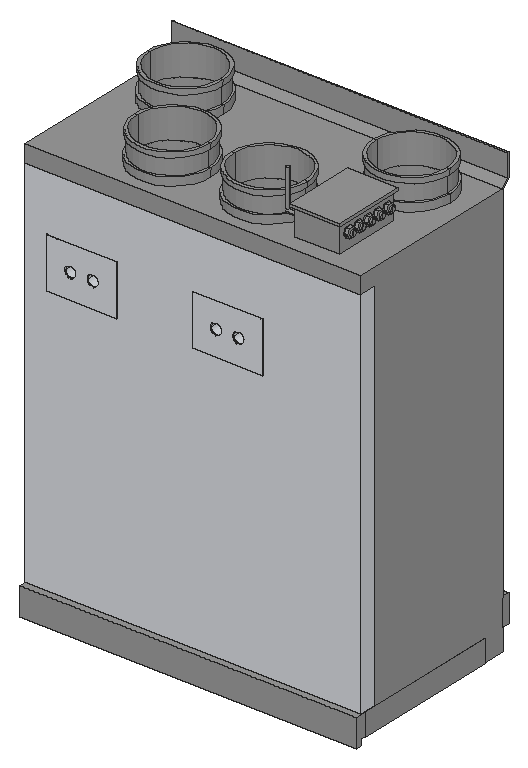
Revit family "VUTR 200 V(E)K(S) EC", category Mechanical Equipment, Revit 2021
Family settings
  Round Connector Dimension = Use Diameter
  Part Type = Normal
  OmniClass Number = 23.75.00.00
  OmniClass Title = Climate Control (HVAC)
  Work Plane-Based = No
  Always vertical = Yes
  Cut with Voids When Loaded = No
  Shared = No
  Room Calculation Point = No
Parameters (values of type "VUTR 200 VK(S) ЕС")
  Weight = 51.60 kg
  W = 599 mm
  Voltage = 230 V
  Sound pressure level at 3 m distance = "33 dBA"
  Pressure_Static_Air [instance] = 0.0 Pa
  Power = 171 W
  Number of Fase = 1
  Maximum Air Flow = 270.0 m³/h
  Maintenance zone material = none
  Load Classification = "HVAC"
  H = 792 mm
  Frequency = 60 Hz  # constant formula
  Filter = "G4"
  Default Elevation = 0 mm
  L = 338 mm
  D = 125 mm
  Casing Material = Сталь
  Amperage = 1.31 A
  Air Flow [instance] = 0.0 m³/h
  09_System_Name = ""
  00_20_Type = "VUTR 200 VK(S) ЕС"
  00_20_Name = "Single-room air handling unit with heat recovery"  # constant formula
  00_20_Manufacturer = "Vents"  # constant formula
Types (3, lengths in mm): name | Weight | Power | Casing Material | Amperage | 00_20_Type
  (no name) | 51.60 kg | 171 W | Сталь | 1.31 A | "VUTR 200 VK(S) ЕС"
  VUTR 200 VK(S) ЕС | 51.60 kg | 171 W | Сталь | 1.31 A | "VUTR 200 VK(S) ЕС"
  VUTR 200 VEK(S) EC | 52.60 kg | 871 W | Polypropylene (white) | 4.31 A | "VUTR 200 VEK(S) EC"
Reference planes
  plane 1 "Center (Front/Back)": y = 0
  plane 2: z = 0
  plane 3 "Center (Left/Right)": x = 0
  plane 4: z = 739
  plane 5: x = -299.5
  plane 6: x = 299.5
  plane 7: y = -328
  plane 8: z = 792
  plane 9: y = -338
  plane 10: y = -239
  plane 11: y = -88
  plane 12: x = -205.5
  plane 13: x = 197.5
  plane 14: x = -107.5
  plane 15: x = 65.5
  plane 16: y = -12
  plane 17: y = -52
  plane 18: y = -298
  plane 19: z = 40
  plane 20: z = 709
  plane 21: z = 90
Forms (mm)
  Extrusion 1, void
    sketch origin (-793.067, -1524, 739) x (0, -1, 0) y (-1, 0, 0)
      loop
        circle (-1436, -587.567) r 62.5
      loop
        circle (-1285, -685.567) r 62.5
      loop
        circle (-1285, -858.567) r 62.5
      loop
        circle (-1436, -990.567) r 62.5
    from 0 to 20
  Extrusion 2, solid, material "Сталь" <- "Casing Material"
    sketch origin (0, 0, 0) x (0, 1, 0) y (0, 0, 1)
      loop
        line (-12, 0) -> (-12, 739) -> (-328, 739) -> (-328, 709) -> (-298, 709) -> (-298, 40) -> (-52, 40) -> (-52, 0) -> (-12, 0)
    from -299.5 to 299.5
  Extrusion 3, solid, material "Сталь" <- "Casing Material"
    sketch origin (0, 0, 0) x (1, 0, 0) y (0, 0, 1)
      loop
        line (299.5, 90) -> (-299.5, 90) -> (-299.5, 40) -> (299.5, 40) -> (299.5, 90)
    from 0 to 12
Cuts and joins
  Extrusion 1 cuts Extrusion 2
Dimensions and locks
  "W": plane 6 to plane 5
  equal spacing: plane 6, plane 3 "Center (Left/Right)", plane 5
  "L": plane 1 "Center (Front/Back)" to plane 9
  locked: plane 8 to plane 4 at 53
  locked: plane 7 to plane 9 at 10
  plane 10 to plane 11 to plane 1 "Center (Front/Back)" = 151 mm, 88 mm
  plane 1 "Center (Front/Back)" to plane 16 = 12 mm
  plane 5 to plane 12 to plane 14 to plane 15 = 94 mm, 98 mm, 173 mm
  plane 12 to plane 13 = 403 mm
  "H": plane 8 to plane 2
  locked: plane 4 to plane 20 at 30
  aligned and locked: level to plane 2
  aligned and locked: nested 1 to plane 4
  aligned and locked: nested 2 to plane 11
  aligned and locked: nested 4 to plane 10
  aligned and locked: plane 15 to nested 3
  aligned and locked: plane 13 to nested 2
  aligned and locked: plane 14 to nested 4
  aligned and locked: plane 3 "Center (Left/Right)" to nested 5
  aligned and locked: nested 5 to plane 4  (x2)
  aligned and locked: plane 1 "Center (Front/Back)" to nested 5
  aligned and locked: Extrusion 1 sketch curve to nested 3
  aligned and locked: Extrusion 1 sketch curve to nested 1
  aligned and locked: Extrusion 1 sketch curve to nested 4
  aligned and locked: Extrusion 1 sketch curve to nested 2
  aligned and locked: nested 1 to plane 11
  aligned and locked: plane 12 to nested 1
  aligned and locked: nested 3 to plane 10
  aligned and locked: nested 4 to plane 4
  aligned and locked: nested 3 to plane 4
  aligned and locked: nested 2 to plane 4
  aligned and locked: plane 7 to Extrusion 2 sketch curve
  aligned and locked: plane 16 to Extrusion 2 sketch curve
  aligned and locked: plane 4 to Extrusion 2 sketch curve
  aligned and locked: Extrusion 2 sketch curve to plane 2
  aligned and locked: Extrusion 2 to plane 5
  aligned and locked: plane 6 to Extrusion 2
  aligned and locked: plane 16 to Extrusion 2
  aligned and locked: Extrusion 2 to plane 7
  aligned and locked: Extrusion 2 to plane 17
  aligned and locked: Extrusion 2 to plane 18
  aligned and locked: Extrusion 2 to plane 19
  aligned and locked: Extrusion 2 to plane 20
  aligned and locked: nested 6 to plane 19
  aligned and locked: plane 7 to nested 6
  aligned and locked: nested 7 to plane 9
  aligned and locked: nested 7 to plane 5
  aligned and locked: plane 6 to nested 7
  aligned and locked: plane 19 to nested 7
  aligned and locked: nested 7 to plane 17
  aligned and locked: plane 6 to nested 5
  aligned and locked: plane 5 to nested 5
  aligned and locked: Extrusion 3 sketch curve to plane 21
  aligned and locked: plane 19 to Extrusion 3 sketch curve
  aligned and locked: plane 5 to Extrusion 3 sketch curve
  aligned and locked: Extrusion 3 sketch curve to plane 6
  aligned and locked: Extrusion 3 to plane 16
  aligned and locked: Extrusion 3 to plane 1 "Center (Front/Back)"
  aligned and locked: Extrusion 3 to plane 5
  aligned and locked: plane 6 to Extrusion 3
  aligned and locked: nested 8 to plane 4
  aligned and locked: plane 8 to nested 8
  aligned and locked: plane 20 to nested 6
  aligned and locked: nested 6 to plane 6
  aligned and locked: nested 6 to plane 5
Automatic sketch dimensions
  Extrusion 2 sketch curve to plane 18 = 0 mm
  Extrusion 2 sketch curve to plane 17 = 0 mm
  Extrusion 2 sketch curve to plane 19 = 0 mm
  Extrusion 2 sketch curve to plane 20 = 0 mm
Nested families
  nested 1: "Ducts" at (-205.5, -88, 739), Material <- "Casing Material", type "Ducts"
    with Material Сталь
  nested 2: "Ducts" at (197.5, -88, 739), Material <- "Casing Material", type "Ducts"
    with Material Сталь
  nested 3: "Ducts" at (65.5, -239, 739), Material <- "Casing Material", type "Ducts"
    with Material Сталь
  nested 4: "Ducts" at (-107.5, -239, 739), Material <- "Casing Material", type "Ducts"
    with Material Сталь
  nested 5: "Bracket up" at (0, 0, 739), W <- "W", Material <- "Casing Material", type "Bracket up"
    with W 599 mm, Material Сталь
  nested 6: "Plate (front)" at (0, -328, 40) x (-1, 0, 0) z (0, 0, 1), type "Plate (front)"
    with W 599 mm, H 669 mm, D 29 mm
  nested 7: "Plate (down)" at (0, -52, 0), Material <- "Casing Material", type "Plate (down)"
    with W 599 mm, Material Сталь, H 40 mm, D 286 mm
  nested 8: "control unit" at (197.5, -239, 739), Material <- "Casing Material", type "control unit"
    with W 90 mm, built-in parameter 1140142 -1, Material Сталь, built-in parameter 1140140 1 (stored number, unit not read), H 53 mm, built-in parameter 1155100 -1, D 130 mm
Connectors
  hvac at (-205.5, -88, 792), driven by "D"
    settings: on nested 1, index 1, duct flow 0.0 m³/h, flow factor 0, pres drop 0.0 Pa, loss coef 0, conn angle 0.00°, conn width 160 mm, conn height 160 mm, conn diameter 125 mm, duct sys type 1, conn prof type 0, flow config 0, flow direction 1, loss method 0, conn ref index -1, conn util no, is conn primary yes, conn desc ""
  hvac at (-107.5, -239, 792), driven by "D"
    settings: on nested 4, index 2, duct flow 0.0 m³/h, flow factor 0, pres drop 0.0 Pa, loss coef 0, conn angle 0.00°, conn width 304.8 mm, conn height 304.8 mm, conn diameter 125 mm, duct sys type 1, conn prof type 0, flow config 0, flow direction 2, loss method 0, conn ref index -1, conn util no, is conn primary no, conn desc ""
  hvac at (65.5, -239, 792), driven by "D"
    settings: on nested 3, index 3, duct flow 0.0 m³/h, flow factor 0, pres drop 0.0 Pa, loss coef 0, conn angle 0.00°, conn width 304.8 mm, conn height 304.8 mm, conn diameter 125 mm, duct sys type 3, conn prof type 0, flow config 0, flow direction 1, loss method 0, conn ref index -1, conn util no, is conn primary no, conn desc ""
  hvac at (197.5, -88, 792), driven by "D"
    settings: on nested 2, index 4, duct flow 0.0 m³/h, flow factor 0, pres drop 0.0 Pa, loss coef 0, conn angle 0.00°, conn width 304.8 mm, conn height 304.8 mm, conn diameter 125 mm, duct sys type 3, conn prof type 0, flow config 0, flow direction 2, loss method 0, conn ref index -1, conn util no, is conn primary no, conn desc ""
  electrical at (246.875, -195.667, 769), driven by "Voltage", driven by "Power"
    settings: on nested 8, index 5, voltage 230 V, apparent load 0 VA, apparent load phase1 171 VA, apparent load phase2 0 VA, apparent load phase3 0 VA, power factor 1, load classification "Other", number of poles 1, system type 31, power factor state 1, is connector primary yes, connector utility no, sub classification motor no, connector description ""
Definition of nested family "Ducts"
  Parameters (values of type "Ducts")
    Material [instance] = none
    Default Elevation = 0 mm
  Reference planes
    plane 1 "Center (Front/Back)": y = 0
    plane 2: z = 0
    plane 3 "Center (Left/Right)": x = 0
    plane 4: z = 53
  Forms (mm)
    Revolve 1, solid, material <- "Material"
      sketch origin (-386.311, 0, 320) x (-1, 0, 0) y (0, 0, 1)
        loop
          line (-453.811, -267) -> (-453.811, -276.044) -> (-451.121, -276.044) -> (-451.121, -305.619) -> (-455.467, -305.619) -> (-455.467, -320) -> (-448.811, -320) -> (-448.811, -267) -> (-453.811, -267)
        axis (-386.311, -320) -> (-386.311, -267)
      angle from 0 to 360
  Dimensions and locks
    aligned and locked: level to plane 2
    aligned and locked: Revolve 1 to plane 2
    aligned and locked: Revolve 1 to plane 4
Definition of nested family "Bracket up"
  Parameters (values of type "Bracket up")
    W [instance] = 900 mm
    Material [instance] = none
    Default Elevation = 0 mm
  Reference planes
    plane 1 "Center (Front/Back)": y = 0
    plane 2: z = 0
    plane 3 "Center (Left/Right)": x = 0
    plane 4: y = -12
    plane 5: z = 53
    plane 6: x = -450
    plane 7: x = 450
  Forms (mm)
    Extrusion 1, solid, material <- "Material"
      sketch origin (0, 0, 0) x (0, 1, 0) y (0, 0, 1)
        loop
          line (0, 53) -> (-1, 53) -> (-1, 12.414) -> (-13.414, 0) -> (-12, 0) -> (0, 12) -> (0, 53)
      from -450 to 450
  Dimensions and locks
    "W": plane 6 to plane 7
    equal spacing: plane 6, plane 3 "Center (Left/Right)", plane 7
    aligned and locked: level to plane 2
    aligned and locked: plane 7 to Extrusion 1
    aligned and locked: Extrusion 1 to plane 6
  Automatic sketch dimensions
    Extrusion 1 sketch curve to level = 0 mm
    Extrusion 1 sketch curve to plane 4 = 0 mm
    Extrusion 1 sketch curve to plane 5 = 0 mm
    Extrusion 1 sketch curve to plane 1 "Center (Front/Back)" = 0 mm
    plane 4 to Extrusion 1 sketch curve = 1.414 mm
    plane 1 "Center (Front/Back)" to Extrusion 1 sketch curve = 1 mm
    level to Extrusion 1 sketch curve = 12 mm
    Extrusion 1 sketch curve to Extrusion 1 sketch curve = 0.414 mm
Definition of nested family "Plate (front)"
  Parameters (values of type "Plate (front)")
    W [instance] = 599 mm
    Material [instance] = none
    H [instance] = 699 mm
    Default Elevation = 0 mm
    D [instance] = 30 mm
  Reference planes
    plane 1 "Center (Front/Back)": y = 0
    plane 2: z = 0
    plane 3 "Center (Left/Right)": x = 0
    plane 4: x = -299.5
    plane 5: x = 299.5
    plane 6: y = -30
    plane 7: z = 699
  Forms (mm)
    Extrusion 1, solid, material <- "Material"
      sketch origin (0, 0, 0) x (1, 0, 0) y (0, 1, 0)
        loop
          line (-299.5, 0) -> (-299.5, -30) -> (299.5, -30) -> (299.5, 0) -> (-299.5, 0)
      from 0 to 698
    Extrusion 2, solid, material <- "Material"
      sketch origin (0, 0, 0) x (1, 0, 0) y (0, 0, 1)
        loop
          line (259.5, 569) -> (134.5, 569) -> (134.5, 479) -> (259.5, 479) -> (259.5, 569)
      from 0 to -1
    Extrusion 3, void
      sketch origin (0, 0, 0) x (1, 0, 0) y (0, 0, 1)
        loop
          circle (217, 524) r 10
        loop
          circle (177, 524) r 10
      from -1 to 30 <- "D"
    Extrusion 4, solid, material <- "Material", not visible
      sketch origin (0, 0, 0) x (1, 0, 0) y (0, 0, 1)
        loop
          line (259.5, 569) -> (134.5, 569) -> (134.5, 479) -> (259.5, 479) -> (259.5, 569)
      from 0 to -1
    Extrusion 5, void, not visible
      sketch origin (0, 0, 0) x (1, 0, 0) y (0, 0, 1)
        loop
          circle (217, 524) r 10
        loop
          circle (177, 524) r 10
      from -1 to 30 <- "D"
    Extrusion 6, solid, material <- "Material"
      sketch origin (-259.5, 0, 0) x (1, 0, 0) y (0, 0, 1)
        loop
          line (259.5, 569) -> (134.5, 569) -> (134.5, 479) -> (259.5, 479) -> (259.5, 569)
      from 0 to -1
    Extrusion 7, void
      sketch origin (-259.5, 0, 0) x (1, 0, 0) y (0, 0, 1)
        loop
          circle (217, 524) r 10
        loop
          circle (177, 524) r 10
      from -1 to 30 <- "D"
  Cuts and joins
    Extrusion 3, Extrusion 7 cuts Extrusion 1
    Extrusion 3, Extrusion 7 cuts Extrusion 2
    Extrusion 7 cuts Extrusion 6
  Dimensions and locks
    equal spacing: plane 4, plane 3 "Center (Left/Right)", plane 5
    "W": plane 4 to plane 5
    "H": plane 7 to plane 2
    "D": plane 6 to plane 1 "Center (Front/Back)"
    locked: plane 7 to cut or joined group of Extrusion 1, Extrusion 3, Extrusion 7 at 1
    aligned and locked: level to plane 2
    aligned and locked: plane 5 to Extrusion 1
    aligned and locked: Extrusion 1 to plane 4
    aligned and locked: Extrusion 1 to plane 6
    aligned and locked: cut or joined group of Extrusion 1, Extrusion 3, Extrusion 7 to plane 6
  Automatic sketch dimensions
    Extrusion 2 sketch curve to Extrusion 2 sketch curve = 90 mm
    Extrusion 3 sketch curve to Extrusion 3 sketch curve = 40 mm
    Extrusion 3 sketch curve to Extrusion 3 sketch curve = 0 mm
    Extrusion 2 sketch curve to Extrusion 2 sketch curve = 125 mm
    Extrusion 4 sketch curve to Extrusion 4 sketch curve = 90 mm
    Extrusion 5 sketch curve to Extrusion 5 sketch curve = 40 mm
    Extrusion 5 sketch curve to Extrusion 5 sketch curve = 0 mm
    Extrusion 4 sketch curve to Extrusion 4 sketch curve = 125 mm
    Extrusion 6 sketch curve to Extrusion 6 sketch curve = 90 mm
    Extrusion 7 sketch curve to Extrusion 7 sketch curve = 40 mm
    Extrusion 7 sketch curve to Extrusion 7 sketch curve = 0 mm
    Extrusion 6 sketch curve to Extrusion 6 sketch curve = 125 mm
    Extrusion 1 sketch curve to plane 4 = 0 mm
    Extrusion 1 sketch curve to plane 5 = 0 mm
    Extrusion 1 sketch curve to plane 6 = 0 mm
    plane 1 "Center (Front/Back)" to Extrusion 1 sketch curve = 0 mm
    radius of Extrusion 3 sketch curve = 10 mm  (x2)
    radius of Extrusion 5 sketch curve = 10 mm  (x2)
    radius of Extrusion 7 sketch curve = 10 mm  (x2)
Definition of nested family "Plate (down)"
  Parameters (values of type "Plate (down)")
    W [instance] = 599 mm
    Material [instance] = none
    H [instance] = 40 mm
    Default Elevation = 0 mm
    D [instance] = 286 mm
  Reference planes
    plane 1 "Center (Front/Back)": y = 0
    plane 2: z = 0
    plane 3 "Center (Left/Right)": x = 0
    plane 4: x = -299.5
    plane 5: x = 299.5
    plane 6: y = -266
    plane 7: z = 40
    plane 8: y = -286
  Forms (mm)
    Extrusion 1, solid, material <- "Material"
      sketch origin (0, -1, 0) x (1, 0, 0) y (0, 1, 0)
        loop
          line (-299.5, 0) -> (-299.5, -265) -> (299.5, -265) -> (299.5, 0) -> (-299.5, 0)
      from 0 to 39
    Extrusion 2, solid, material <- "Material"
      sketch origin (0, 0, 0) x (0, 1, 0) y (0, 0, 1)
        loop
          line (-267, 39) -> (-286, 39) -> (-286, -10) -> (-276, -10) -> (-276, 0) -> (-267, 0) -> (-267, 39)
      from -299.5 to 299.5
    Extrusion 3, void
      sketch origin (0, 0, 0) x (1, 0, 0) y (0, 1, 0)
        loop
          line (-249.5, -1) -> (-249.5, -100) -> (249.5, -100) -> (249.5, -1) -> (-249.5, -1)
        loop
          circle (-159.5, -50.5) r 45
        loop
          circle (-159.5, -50.5) r 30
        loop
          circle (159.5, -50.5) r 45
        loop
          circle (159.5, -50.5) r 30
      from 0 to 5
    Extrusion 4, void
      sketch origin (0, 0, 0) x (1, 0, 0) y (0, 1, 0)
        loop
          line (-249.5, -100) -> (-249.5, -266) -> (249.5, -266) -> (249.5, -100) -> (-249.5, -100)
      from 0 to 10
    Extrusion 5, solid, material <- "Material"
      sketch origin (0, 0, 0) x (1, 0, 0) y (0, 1, 0)
        loop
          line (-249.5, -100) -> (-249.5, -266) -> (249.5, -266) -> (249.5, -100) -> (-249.5, -100)
        loop
          line (-244.5, -105) -> (-244.5, -145) -> (-194.5, -145) -> (-194.5, -221) -> (-244.5, -221) -> (-244.5, -261) -> (244.5, -261) -> (244.5, -105) -> (-244.5, -105)
        loop
          line (-234.5, -165) -> (-234.5, -201) -> (-214.5, -201) -> (-214.5, -165) -> (-234.5, -165)
      from 5 to 10
  Cuts and joins
    Extrusion 3, Extrusion 4 cuts Extrusion 1
  Dimensions and locks
    equal spacing: plane 4, plane 3 "Center (Left/Right)", plane 5
    "W": plane 4 to plane 5
    "H": plane 7 to plane 2
    "D": plane 8 to plane 1 "Center (Front/Back)"
    locked: Extrusion 2 sketch curve to plane 2 at 10
    locked: Extrusion 2 sketch curve to plane 8 at 19
    locked: plane 6 to plane 8 at 20
    locked: Extrusion 1 to plane 1 "Center (Front/Back)" at 1
    locked: plane 7 to Extrusion 2 at 1
    Extrusion 3 sketch curve to plane 5 = 50 mm
    plane 4 to Extrusion 3 sketch curve = 50 mm
    plane 1 "Center (Front/Back)" to Extrusion 3 sketch curve = 100 mm
    locked: plane 4 to Extrusion 4 sketch curve at 50
    locked: Extrusion 4 sketch curve to plane 5 at 50
    aligned and locked: level to plane 2
    aligned and locked: plane 5 to Extrusion 1
    aligned and locked: Extrusion 1 to plane 4
    aligned and locked: Extrusion 1 to plane 6
    aligned and locked: plane 5 to Extrusion 2
    aligned and locked: Extrusion 2 to plane 4
    aligned and locked: Extrusion 2 to Extrusion 1
    aligned and locked: plane 6 to Extrusion 4 sketch curve
    aligned and locked: Extrusion 4 to Extrusion 3
    aligned and locked: plane 6 to Extrusion 5 sketch curve
    aligned and locked: Extrusion 5 to cut or joined group of Extrusion 1, Extrusion 3, Extrusion 4
  Automatic sketch dimensions
    Extrusion 1 sketch curve to plane 4 = 0 mm
    Extrusion 1 sketch curve to plane 5 = 0 mm
    Extrusion 1 sketch curve to plane 6 = 0 mm
    plane 1 "Center (Front/Back)" to Extrusion 1 sketch curve = 1 mm
    Extrusion 2 sketch curve to plane 7 = 1 mm
    Extrusion 2 sketch curve to plane 8 = 0 mm
    Extrusion 2 sketch curve to level = 0 mm
    plane 8 to Extrusion 2 sketch curve = 10 mm
    Extrusion 3 sketch curve to Extrusion 3 sketch curve = 0 mm  (x4)
    plane 1 "Center (Front/Back)" to Extrusion 3 sketch curve = 50.5 mm  (x2)
    Extrusion 3 sketch curve to Extrusion 3 sketch curve = 90 mm  (x2)
    plane 1 "Center (Front/Back)" to Extrusion 3 sketch curve = 1 mm
    plane 1 "Center (Front/Back)" to Extrusion 4 sketch curve = 100 mm
    plane 4 to Extrusion 5 sketch curve = 50 mm
    Extrusion 5 sketch curve to Extrusion 5 sketch curve = 5 mm  (x4)
    Extrusion 5 sketch curve to Extrusion 5 sketch curve = 20 mm  (x4)
    Extrusion 5 sketch curve to plane 5 = 55 mm
    plane 6 to Extrusion 5 sketch curve = 5 mm
    plane 6 to Extrusion 5 sketch curve = 45 mm
    Extrusion 5 sketch curve to Extrusion 5 sketch curve = 36 mm
    plane 1 "Center (Front/Back)" to Extrusion 5 sketch curve = 105 mm
    Extrusion 5 sketch curve to Extrusion 5 sketch curve = 10 mm
    radius of Extrusion 3 sketch curve = 45 mm  (x2)
    radius of Extrusion 3 sketch curve = 30 mm  (x2)
Definition of nested family "control unit"
  Parameters (values of type "control unit")
    W [instance] = 90 mm
    built-in parameter 1140142 [instance] = -1
    Material [instance] = none
    built-in parameter 1140140 [instance] = 1 (stored number, unit not read)
    H [instance] = 53 mm
    built-in parameter 1155100 [instance] = -1
    Default Elevation = 0 mm
    D [instance] = 130 mm
  Reference planes
    plane 1 "Center (Front/Back)": y = 0
    plane 2: z = 0
    plane 3 "Center (Left/Right)": x = 0
    plane 4: y = 65
    plane 5: x = -45
    plane 6: y = -65
    plane 7: x = 45
    plane 8: z = 53
    plane 9: z = 48
    plane 10: y = -50
    plane 11: y = 43.333
    plane 12: z = 30
    plane 13: x = 40
    plane 14: x = -60
    plane 15: y = -43.333
    plane 16: y = -21.667
    plane 17: y = 21.667
  Forms (mm)
    Extrusion 1, solid, material <- "Material"
      sketch origin (0, 0, 0) x (1, 0, 0) y (0, 1, 0)
        loop
          line (-45, 65) -> (-45, -65) -> (45, -65) -> (45, 65) -> (-45, 65)
      from 48 to 53
    Extrusion 2, solid, material <- "Material"
      sketch origin (0, 0, 0) x (1, 0, 0) y (0, 1, 0)
        loop
          line (-40, 60) -> (-40, -60) -> (40, -60) -> (40, 60) -> (-40, 60)
      from 0 to 48
    Extrusion 3, solid, material <- "Material"
      sketch origin (-60, -98.002, 1201.262) x (0, -1, 0) y (0, 0, -1)
        loop
          circle (-48.002, 1171.262) r 3
      from 20 to 0
    Extrusion 4, solid, material <- "Material"
      sketch origin (0, 0, 0) x (-1, 0, 0) y (0, -1, 0)
        loop
          circle (60, 50) r 3
      from 35 to 100
  Dimensions and locks
    "W": plane 5 to plane 7
    equal spacing: plane 5, plane 3 "Center (Left/Right)", plane 7
    equal spacing: plane 4, plane 1 "Center (Front/Back)", plane 6
    "D": plane 4 to plane 6
    "H": plane 8 to plane 2
    locked: plane 8 to plane 9 at 5
    locked: Extrusion 1 to Extrusion 2 sketch curve at 5
    locked: Extrusion 2 sketch curve to plane 7 at 5
    locked: Extrusion 2 sketch curve to plane 4 at 5
    locked: Extrusion 2 sketch curve to plane 6 at 5
    plane 10 to plane 6 = 15 mm
    plane 2 to plane 12 = 30 mm
    locked: plane 7 to plane 13 at 5
    plane 4 to plane 11 to plane 17 to plane 1 "Center (Front/Back)" to plane 16 to plane 15 to plane 6 = 21.667 mm, 21.667 mm, 21.667 mm, 21.667 mm, 21.667 mm, 21.667 mm
    aligned and locked: level to plane 2
    aligned and locked: Extrusion 1 sketch curve to plane 4
    aligned and locked: plane 5 to Extrusion 1 sketch curve
    aligned and locked: plane 6 to Extrusion 1 sketch curve
    aligned and locked: Extrusion 1 sketch curve to plane 7
    aligned and locked: plane 8 to Extrusion 1
    aligned and locked: Extrusion 1 to plane 9
    aligned and locked: plane 9 to Extrusion 2
    aligned and locked: Extrusion 2 to plane 2
    aligned and locked: nested 1 to plane 12
    aligned and locked: nested 4 to plane 12
    aligned and locked: nested 3 to plane 12
    aligned and locked: nested 2 to plane 12
    aligned and locked: plane 14 to Extrusion 3
    aligned and locked: Extrusion 3 to Extrusion 2
    aligned and locked: plane 13 to nested 5
    aligned and locked: plane 1 "Center (Front/Back)" to nested 2
    aligned and locked: nested 5 to plane 17
    aligned and locked: nested 3 to plane 16
    aligned and locked: nested 4 to plane 15
  Automatic sketch dimensions
    Extrusion 3 sketch curve to plane 10 = 0 mm
    plane 12 to Extrusion 3 sketch curve = 0 mm
    Extrusion 4 sketch curve to plane 10 = 0 mm
    Extrusion 4 sketch curve to plane 14 = 0 mm
    radius of Extrusion 3 sketch curve = 3 mm
    radius of Extrusion 4 sketch curve = 3 mm
  Nested families
    nested 1: "Сonnector" at (40, 43.333, 30), type "16"
    nested 2: "Сonnector" at (40, 0, 30), type "16"
    nested 3: "Сonnector" at (40, -21.667, 30), type "16"
    nested 4: "Сonnector" at (40, -43.333, 30), type "16"
    nested 5: "Сonnector" at (40, 21.667, 30), type "16"
  Definition of nested family "Сonnector"
    Parameters (values of type "10")
      r1 = r / 1.3333  # 3.75 mm
      r = 5 mm
      h3 = H / 3.2  # 2.812 mm
      h1 = H / 1.28  # 7.031 mm
      h4 = H / 6.4  # 1.406 mm
      H = 9 mm
      Default Elevation = 1219.2 mm
      A = 2 * r * tan(30.00°)  # 5.774 mm
    Types (2, lengths in mm): name | r1 | r | h3 | h1 | h4 | H | A
      10 | 3.75 | 5 | 2.812 | 7.031 | 1.406 | 9 | 5.774
      16 | 6 | 8 | 3.75 | 9.375 | 1.875 | 12 | 9.238
    Reference planes
      plane 1 "По центру (Вперед/Назад)": y = 0
      plane 2: z = 0
      plane 3 "По центру (Влево/Вправо)": x = 0
    Forms (mm)
      Extrusion 1, solid
        sketch origin (-1.583, 0, 129.783) x (0, 0, 1) y (0, -1, 0)
          loop
            line (-129.783, -5.774) -> (-124.783, -2.887) -> (-124.783, 2.887) -> (-129.783, 5.774) -> (-134.783, 2.887) -> (-134.783, -2.887) -> (-129.783, -5.774)
        from 1.583 to 2.989
      Extrusion 2, solid
        sketch origin (0, 0, 129.783) x (0, 0, 1) y (0, -1, 0)
          loop
            circle (-129.783, 0) r 3.75
        from 1.406 to 2.812
      Extrusion 3, solid
        sketch origin (14.25, 0, 129.783) x (0, 0, 1) y (0, -1, 0)
          loop
            line (-129.783, -5.774) -> (-124.783, -2.887) -> (-124.783, 2.887) -> (-129.783, 5.774) -> (-134.783, 2.887) -> (-134.783, -2.887) -> (-129.783, -5.774)
        from -11.438 to -7.219
      Revolve 4, solid
        sketch origin (-5.678, 0, 129.783) x (0, 0, 1) y (-1, 0, 0)
          loop
            line (-126.033, -12.709) -> (-129.783, -12.709) -> (-129.783, -14.678) -> (-127.033, -14.678)
            arc (-127.033, -14.678) -> (-126.326, -14.385) -> (-126.033, -13.678) r 1
            line (-126.033, -13.678) -> (-126.033, -12.709)
          axis (-129.783, -14.678) -> (-129.783, -12.709)
        angle from 0 to 360
    Dimensions and locks
      "A": Extrusion 3 sketch curve to Extrusion 3 sketch curve  (x6)
      equal spacing: Extrusion 3 sketch curve, plane 1 "По центру (Вперед/Назад)", Extrusion 3 sketch curve  (x2)
      "A": Extrusion 3 sketch curve to plane 1 "По центру (Вперед/Назад)" to Extrusion 3 sketch curve
      "A": Extrusion 1 sketch curve to Extrusion 1 sketch curve  (x6)
      "A": Extrusion 1 sketch curve to plane 1 "По центру (Вперед/Назад)" to Extrusion 1 sketch curve
      "h4": plane 3 "По центру (Влево/Вправо)" to Extrusion 1
      "h4": plane 3 "По центру (Влево/Вправо)" to Extrusion 2
      "h3": plane 3 "По центру (Влево/Вправо)" to Extrusion 2
      "h3": plane 3 "По центру (Влево/Вправо)" to Extrusion 3
      "h1": plane 3 "По центру (Влево/Вправо)" to Extrusion 3
      "H": Revolve 4 sketch curve to plane 3 "По центру (Влево/Вправо)"
      "h1": plane 3 "По центру (Влево/Вправо)" to Revolve 4 sketch curve
      "r1": plane 2 to Revolve 4 sketch curve
      "r1": radius of Extrusion 2 sketch curve
      aligned and locked: level to plane 2
      aligned and locked: Extrusion 2 to Extrusion 1
      aligned and locked: Extrusion 3 to Extrusion 2
    Automatic sketch dimensions
      Extrusion 1 sketch curve to level = 0 mm  (x2)
      Extrusion 2 sketch curve to level = 0 mm
      Extrusion 2 sketch curve to plane 1 "По центру (Вперед/Назад)" = 0 mm
      Extrusion 3 sketch curve to level = 0 mm
      Revolve 4 sketch curve to level = 0 mm  (x2)
      Revolve 4 sketch curve to plane 3 "По центру (Влево/Вправо)" = 0 mm
      Revolve 4 sketch curve to Revolve 4 sketch curve = 1 mm
      Revolve 4 sketch curve to Revolve 4 sketch curve = 0.85 mm
